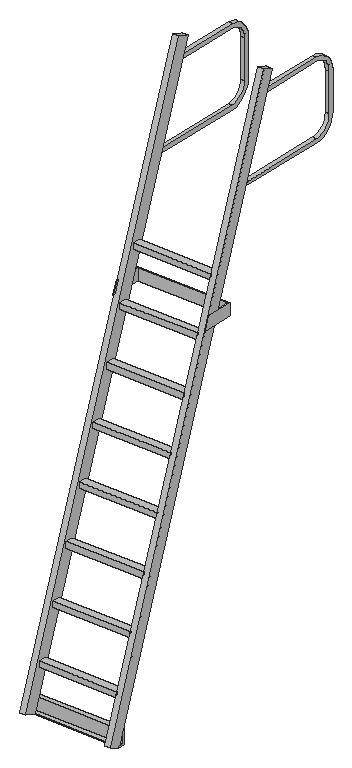
Revit family "Ladder_Mini-Access_FIXFAST_RL21", category Specialty Equipment, Revit 2026
Family settings
  Round Connector Dimension = Use Diameter
  Part Type = Normal
  Classification Number = 23.50.90.21
  Work Plane-Based = Yes
  Enable Cutting in Views = No
  Always vertical = No
  Cut with Voids When Loaded = No
  Maintain Annotation Orientation = No
  Shared = No
  Room Calculation Point = No
Parameters (values of type "RL21.53 Full Ladder")
  rungcountcontrold [instance] = Ladder Length Beneath Landing - (rungcountcontrolb * Space Between Rungs)  # -0' - 5.58768"
  rungcountcontrolc [instance] = if(rungcountcontrold < 0' 0", rungcountcontrolb - 1, rungcountcontrol)  # 8
  rungcountcontrolb [instance] = rungcountcontrol  # 9
  rungcountcontrol [instance] = Ladder Length Beneath Landing / Space Between Rungs  # 8.5344
  cutangle [instance] = 90.00° - Incline Angle  # 20.00°
  basewidthb [instance] = tan(90.00° - Incline Angle) * 0' 3"  # 0' - 1.09191"
  basewidth [instance] = sqrt((0' 3" ^ 2) + (basewidthb ^ 2))  # 0' - 3.19253"
  Warranty Duration (Years) = 0
  Unit Width = 1' - 8 1/2"
  Unit Weight = 0
  Unit Height [instance] = 8' - 0"
  Unit Depth [instance] = (Height Above Landing - basewidth) / tan(Incline Angle) + Base Projection  # 4' - 1.61186"
  URL = "http://www.fixfastusa.com/"
  Standards Conformance = "OSHA  ;  ANSI"
  Specification = ""
  SpecWizard = ""
  Space Between Rungs = 1' - 0"  # constant formula
  Send Message = "http://www.arcat.com/users.pl?action=UserEmail&company=FIXFAST+USA&coid=48709&rep=114&fax=317-769-5560&mf="
  Sales Information = "http://www.fixfastusa.com/contact-us/"
  Rung Horizontal Spacing [instance] = Space Between Rungs / tan(Incline Angle)  # 0' - 4.36764"
  Revision = "R1_12-2013"
  Product Properties = ""
  Product Data = "http://www.arcat.com/arcatcos/cos48/arc48709.html"
  Overall Width = 1' - 11 1/2"
  Model = "RL21.53"
  Maximum Size = "Heights up to 53 inches  (4' 5\")"
  Manufacturer Website = "http://www.fixfastusa.com/"
  Manufacturer Phone - Toll Free = ""
  Manufacturer Phone = "317-769-7710"
  Manufacturer Fax = "317-769-5560"
  Manufacturer Address = "6210 S. Indianapolis Rd.  Whitestown, IN 46075"
  Manufacturer = "FIXFAST USA"
  Maintenance Schedule (Months) = 0
  Ladder Length Beneath Landing [instance] = sqrt((Base Projection ^ 2) + (Unit Height ^ 2))  # 8' - 6.41232"
  Keynote = "05510"
  Installation-Fabrication = ""
  Installation Phase = ""
  Incline Angle [instance] = 70.00°
  Height Above Landing = 3' - 5 1/2"
  Green Building-LEED = ""
  Grabrail Height [instance] = 1' - 8"
  Grabrail Depth [instance] = 1' - 8"
  Fixture Finish [instance] = Metal - FIXFAST - Mill Aluminum
  Expected Lifespan (Years) = 0
  Drawn By = "Sumex Design, Inc. / Robert S. Weygant, CSI, CDT, SCIP"
  Description = "FIXFAST KATT Mini Access Vertical Ladder - Grabrail Kit RL21.53"
  Default Elevation = 0' - 0"
  Copyright = "©Arcat Inc."
  Construction Details = ""
  Capacity = "330 lbs for High Frequency Usage"
  Base Projection [instance] = (Unit Height + 0' 2") / tan(Incline Angle)  # 2' - 11.66908"
  Assembly Code = "E1090900"
Types (3): name | Model | Maximum Size | Description
  RL21.147 Full Ladder | "RL21.147" | "Heights up to 147 inches  (12' 3\")" | "FIXFAST KATT Mini Access Vertical Ladder - Grabrail Kit RL21.147"
  RL21.100 Full Ladder | "RL21.100" | "Heights up to 100 inches  (8' 4\")" | "FIXFAST KATT Mini Access Vertical Ladder - Grabrail Kit RL21.100"
  RL21.53 Full Ladder | "RL21.53" | "Heights up to 53 inches  (4' 5\")" | "FIXFAST KATT Mini Access Vertical Ladder - Grabrail Kit RL21.53"
Reference planes (in)
  plane 1 "Wall Surface": y = 0
  plane 2 "Bottom": z = 0
  plane 3 "Center (Left/Right)": x = 0
  plane 4 "Back": y = 13.94278
  plane 5 "Left": x = -11.75
  plane 6 "Right": x = 11.75
  plane 7 "Top of Ladder": z = 137.5
  plane 8 "Landing": z = 96
  plane 9: y = -35.66908
  plane 10: z = 112.5
  plane 11: y = 33.94278
  plane 12: z = 132.5
  plane 13: z = 12
  plane 14: z = 24
  plane 15: y = -34.49397
  plane 16: y = -30.12633
  plane 17: y = -38.86162
  plane 18: z = 88
  plane 19: x = 12
  plane 20: x = -12
Forms (in)
  Sweep 1, solid, material "Metal - FIXFAST - Mill Aluminum" <- "Fixture Finish"
    path origin (0, -38.86162, 0) x (0, 0.34202, 0.939693) y (0, -0.939693, 0.34202)
      loop
        line (-9.10572, 0) -> (146.32444, 0)
    profile origin (0, -15.39583, 64.47171) x (0, -0.939693, 0.34202) y (1, 0, 0)
      loop
        line (0, 10.25) -> (0, 11.75) -> (-3, 11.75) -> (-3, 10.25) -> (0, 10.25)
      loop
        line (0, -10.25) -> (-3, -10.25) -> (-3, -11.75) -> (0, -11.75) -> (0, -10.25)
  Extrusion 2, void
    sketch origin (0, 0, 0) x (0, 1, 0) y (0, 0, 1)
      loop
        line (-31.66908, 0) -> (-35.66908, 0) -> (-47.66908, 4.36764) -> (-47.66908, -24) -> (-31.66908, -24) -> (-31.66908, 0)
    from -11.75 to 11.75
  Sweep 3, solid, material "Metal - FIXFAST - Mill Aluminum" <- "Fixture Finish"
    path origin (0, 0, 0) x (0, 1, 0) y (0, 0, 1)
      loop
        line (9.36444, 132.5) -> (28.94278, 132.5)
        arc (28.94278, 132.5) -> (32.47831, 131.03553) -> (33.94278, 127.5) r 5
        line (33.94278, 127.5) -> (33.94278, 117.5)
        arc (33.94278, 117.5) -> (32.47831, 113.96447) -> (28.94278, 112.5) r 5
        line (28.94278, 112.5) -> (5.27757, 112.5)
    profile origin (0, 19.15361, 132.5) x (0, 0, 1) y (1, 0, 0)
      loop
        line (0, 10.5) -> (0, 11.5) -> (-1, 11.5) -> (-1, 10.5) -> (0, 10.5)
      loop
        line (0, -10.5) -> (-1, -10.5) -> (-1, -11.5) -> (0, -11.5) -> (0, -10.5)
  Sweep 4, solid, material "Metal - FIXFAST - Mill Aluminum" <- "Fixture Finish"
    path origin (0, -4.10932, 0) x (1, 0, 0) y (0, 0, 1)
      loop
        line (-10.25, 12) -> (10.25, 12)
    profile origin (0, -4.10932, 12) x (0, 0, 1) y (0, -1, 0)
      loop
        line (0, 30.38465) -> (-1.5, 30.38465) -> (-1.5, 28.38465) -> (0, 28.38465) -> (0, 30.38465)
  Sweep 5, solid, material "Metal - FIXFAST - Mill Aluminum" <- "Fixture Finish"
    path origin (0, 0.25832, 12) x (1, 0, 0) y (0, 0, 1)
      loop
        line (-10.25, 12) -> (10.25, 12)
    profile origin (0, 0.25832, 24) x (0, 0, 1) y (0, -1, 0)
      loop
        line (0, 30.38465) -> (-1.5, 30.38465) -> (-1.5, 28.38465) -> (0, 28.38465) -> (0, 30.38465)
  Sweep 6, solid, material "Metal - FIXFAST - Mill Aluminum" <- "Fixture Finish"
    path origin (0, 4.62596, 24) x (1, 0, 0) y (0, 0, 1)
      loop
        line (-10.25, 12) -> (10.25, 12)
    profile origin (0, 4.62596, 36) x (0, 0, 1) y (0, -1, 0)
      loop
        line (0, 30.38465) -> (-1.5, 30.38465) -> (-1.5, 28.38465) -> (0, 28.38465) -> (0, 30.38465)
  Sweep 7, solid, material "Metal - FIXFAST - Mill Aluminum" <- "Fixture Finish"
    path origin (0, 8.99361, 36) x (1, 0, 0) y (0, 0, 1)
      loop
        line (-10.25, 12) -> (10.25, 12)
    profile origin (0, 8.99361, 48) x (0, 0, 1) y (0, -1, 0)
      loop
        line (0, 30.38465) -> (-1.5, 30.38465) -> (-1.5, 28.38465) -> (0, 28.38465) -> (0, 30.38465)
  Sweep 8, solid, material "Metal - FIXFAST - Mill Aluminum" <- "Fixture Finish"
    path origin (0, 13.36125, 48) x (1, 0, 0) y (0, 0, 1)
      loop
        line (-10.25, 12) -> (10.25, 12)
    profile origin (0, 13.36125, 60) x (0, 0, 1) y (0, -1, 0)
      loop
        line (0, 30.38465) -> (-1.5, 30.38465) -> (-1.5, 28.38465) -> (0, 28.38465) -> (0, 30.38465)
  Sweep 9, solid, material "Metal - FIXFAST - Mill Aluminum" <- "Fixture Finish"
    path origin (0, 17.72889, 60) x (1, 0, 0) y (0, 0, 1)
      loop
        line (-10.25, 12) -> (10.25, 12)
    profile origin (0, 17.72889, 72) x (0, 0, 1) y (0, -1, 0)
      loop
        line (0, 30.38465) -> (-1.5, 30.38465) -> (-1.5, 28.38465) -> (0, 28.38465) -> (0, 30.38465)
  Sweep 10, solid, material "Metal - FIXFAST - Mill Aluminum" <- "Fixture Finish"
    path origin (0, 22.09654, 72) x (1, 0, 0) y (0, 0, 1)
      loop
        line (-10.25, 12) -> (10.25, 12)
    profile origin (0, 22.09654, 84) x (0, 0, 1) y (0, -1, 0)
      loop
        line (0, 30.38465) -> (-1.5, 30.38465) -> (-1.5, 28.38465) -> (0, 28.38465) -> (0, 30.38465)
  Sweep 11, solid, material "Metal - FIXFAST - Mill Aluminum" <- "Fixture Finish"
    path origin (0, 26.46418, 84) x (1, 0, 0) y (0, 0, 1)
      loop
        line (-10.25, 12) -> (10.25, 12)
    profile origin (0, 26.46418, 96) x (0, 0, 1) y (0, -1, 0)
      loop
        line (0, 30.38465) -> (-1.5, 30.38465) -> (-1.5, 28.38465) -> (0, 28.38465) -> (0, 30.38465)
  Extrusion 12, solid, material "Metal - FIXFAST - Mill Aluminum" <- "Fixture Finish"
    sketch origin (0, 0, 0) x (0, 1, 0) y (0, 0, 1)
      loop
        line (0, 88) -> (-6.83224, 88) -> (-7.92415, 85) -> (0, 85) -> (0, 88)
    from -12 to 12
  Extrusion 13, void
    sketch origin (0, 0, 0) x (0, 1, 0) y (0, 0, 1)
      loop
        line (-0.25, 88) -> (-6.83224, 88) -> (-7.92415, 85) -> (-0.25, 85) -> (-0.25, 88)
    from -11.75 to 11.75
  Extrusion 14, solid, material "Metal - FIXFAST - Mill Aluminum" <- "Fixture Finish"
    sketch origin (0, 0, 0) x (0, 1, 0) y (0, 0, 1)
      loop
        line (-35.66908, 0) -> (-34.16908, 0) -> (-34.16908, 4.12122) -> (-34.41908, 3.43435) -> (-34.41908, 0.25) -> (-35.66908, 0.25) -> (-35.66908, 0)
    from -11.75 to 11.75
Cuts and joins
  Extrusion 2 cuts Sweep 1
  Extrusion 13 cuts Sweep 3
  joined: Sweep 1, Sweep 3
  Extrusion 13 cuts Extrusion 12
Lines and regions (in)
  reference lines
    curve 1: line (0, 14.37682, 137.5) -> (0, -35.66908, 0)
    curve 2: line (0, -38.86162, 0) -> (0, 11.18429, 137.5)
Dimensions and locks (in)
  equal spacing: plane 5 "Left", plane 3 "Center (Left/Right)", plane 6 "Right"
  "Overall Width": plane 5 "Left" to plane 6 "Right"
  "Unit Height": plane 8 "Landing" to level
  "Height Above Landing": plane 7 "Top of Ladder" to plane 8 "Landing"
  locked: Sweep 1 sketch curve to plane 6 "Right" at 0
  locked: plane 5 "Left" to Sweep 1 sketch curve at 0
  locked: Sweep 1 sketch curve to Sweep 1 sketch curve at 3  (x2)
  locked: level to Extrusion 2 sketch curve at 24
  locked: Extrusion 2 sketch curve to plane 9 at 12
  locked: plane 5 "Left" to Sweep 1 sketch curve at 1.5
  locked: Sweep 1 sketch curve to plane 6 "Right" at 1.5
  locked: Sweep 1 sketch curve to plane 17 at 3.11434
  "Grabrail Depth": plane 4 "Back" to plane 11
  locked: plane 7 "Top of Ladder" to plane 12 at 5
  "Grabrail Height": plane 12 to plane 10
  locked: plane 12 to Sweep 3 sketch curve at 5
  locked: Sweep 3 sketch curve to plane 11 at 5  (x2)
  Sweep 3 sketch curve to Sweep 3 sketch curve to plane 5 "Left" = 0' - 1" locked, 0' - 0 1/4" locked
  plane 6 "Right" to Sweep 3 sketch curve to Sweep 3 sketch curve = 0' - 0 1/4" locked, 0' - 1" locked
  locked: plane 12 to Sweep 3 sketch curve at 1  (x2)
  locked: plane 10 to Sweep 3 sketch curve at 5
  "Space Between Rungs": plane 13 to level
  "Space Between Rungs": plane 14 to plane 13
  "Rung Horizontal Spacing": plane 17 to plane 15
  "Rung Horizontal Spacing": plane 15 to plane 16
  "Unit Width": Sweep 4 sketch curve to Sweep 4 sketch curve
  "Unit Width": Sweep 5 sketch curve to Sweep 5 sketch curve
  equal spacing: group 1, group 2, group 3, group 4, group 5, group 6, group 7, group 8  (x3)
  "Unit Width": Sweep 6 sketch curve to Sweep 6 sketch curve
  "Unit Width": Sweep 7 sketch curve to Sweep 7 sketch curve
  "Unit Width": Sweep 8 sketch curve to Sweep 8 sketch curve
  "Unit Width": Sweep 9 sketch curve to Sweep 9 sketch curve
  "Unit Width": Sweep 10 sketch curve to Sweep 10 sketch curve
  "Unit Width": Sweep 11 sketch curve to Sweep 11 sketch curve
  "Base Projection": plane 9 to plane 1 "Wall Surface"
  "Unit Depth": plane 9 to plane 4 "Back"
  "basewidth": plane 17 to plane 9
  locked: curve 2 to curve 1 at 3
  locked: plane 8 "Landing" to plane 18 at 8
  locked: plane 18 to Extrusion 12 sketch curve at 3
  locked: plane 5 "Left" to plane 20 at 0.25
  locked: plane 19 to plane 6 "Right" at 0.25
  locked: Extrusion 13 sketch curve to plane 1 "Wall Surface" at 0.25
  locked: plane 18 to Extrusion 13 sketch curve at 3
  plane 9 to Extrusion 14 sketch curve to Extrusion 14 sketch curve = 0' - 1 1/4" locked, 0' - 0 1/4" locked
  "Incline Angle": angle level to curve 2
  "Incline Angle": angle level to curve 1
  "cutangle": angle Extrusion 2 sketch curve to level
  aligned and locked: Extrusion 2 to plane 5 "Left"
  aligned and locked: Extrusion 2 to plane 6 "Right"
  aligned and locked: plane 7 "Top of Ladder" to curve 1
  aligned and locked: Sweep 1 sketch curve to curve 2
  aligned and locked: plane 7 "Top of Ladder" to Sweep 1 sketch curve
  aligned and locked: curve 2 to Sweep 3 sketch curve
  aligned and locked: curve 1 to Sweep 3 sketch curve
  aligned and locked: Sweep 5 to plane 16
  aligned and locked: plane 14 to Sweep 5
  aligned and locked: Sweep 4 to plane 15
  aligned and locked: plane 13 to Sweep 4
  aligned and locked: level to curve 2
  aligned and locked: plane 17 to curve 2
  aligned and locked: plane 7 "Top of Ladder" to curve 2
  aligned and locked: curve 2 to Extrusion 12 sketch curve
  aligned and locked: Extrusion 12 sketch curve to plane 18
  aligned and locked: plane 1 "Wall Surface" to Extrusion 12 sketch curve
  aligned and locked: plane 19 to Extrusion 12
  aligned and locked: Extrusion 12 to plane 20
  aligned and locked: Extrusion 13 sketch curve to curve 2
  aligned and locked: plane 6 "Right" to Extrusion 13
  aligned and locked: Extrusion 13 to plane 5 "Left"
  aligned and locked: plane 18 to Extrusion 13 sketch curve
  aligned and locked: plane 9 to Extrusion 14 sketch curve
  aligned and locked: curve 1 to Extrusion 14 sketch curve
  aligned and locked: Extrusion 14 to plane 5 "Left"
  aligned and locked: plane 6 "Right" to Extrusion 14
Automatic sketch dimensions
  Sweep 1 sketch curve to profile plane = 0' - 0"  (x2)
  Sweep 3 sketch curve to profile plane = 0' - 0"  (x2)
  Sweep 3 sketch curve to plane 12 = 0' - 0"
  profile plane to Sweep 4 sketch curve = 0' - 0"
  Sweep 4 sketch curve to Sweep 4 sketch curve = 0' - 1 1/2"
  Sweep 4 sketch curve to Sweep 4 sketch curve = 0' - 2"
  profile plane to Sweep 4 sketch curve = 2' - 4.38465"
  profile plane to Sweep 5 sketch curve = 0' - 0"
  Sweep 5 sketch curve to Sweep 5 sketch curve = 0' - 1 1/2"
  Sweep 5 sketch curve to Sweep 5 sketch curve = 0' - 2"
  profile plane to Sweep 5 sketch curve = 2' - 4.38465"
  profile plane to Sweep 6 sketch curve = 0' - 0"
  Sweep 6 sketch curve to Sweep 6 sketch curve = 0' - 1 1/2"
  Sweep 6 sketch curve to Sweep 6 sketch curve = 0' - 2"
  profile plane to Sweep 6 sketch curve = 2' - 4.38465"
  profile plane to Sweep 7 sketch curve = 0' - 0"
  Sweep 7 sketch curve to Sweep 7 sketch curve = 0' - 1 1/2"
  Sweep 7 sketch curve to Sweep 7 sketch curve = 0' - 2"
  profile plane to Sweep 7 sketch curve = 2' - 4.38465"
  profile plane to Sweep 8 sketch curve = 0' - 0"
  Sweep 8 sketch curve to Sweep 8 sketch curve = 0' - 1 1/2"
  Sweep 8 sketch curve to Sweep 8 sketch curve = 0' - 2"
  profile plane to Sweep 8 sketch curve = 2' - 4.38465"
  profile plane to Sweep 9 sketch curve = 0' - 0"
  Sweep 9 sketch curve to Sweep 9 sketch curve = 0' - 1 1/2"
  Sweep 9 sketch curve to Sweep 9 sketch curve = 0' - 2"
  profile plane to Sweep 9 sketch curve = 2' - 4.38465"
  profile plane to Sweep 10 sketch curve = 0' - 0"
  Sweep 10 sketch curve to Sweep 10 sketch curve = 0' - 1 1/2"
  Sweep 10 sketch curve to Sweep 10 sketch curve = 0' - 2"
  profile plane to Sweep 10 sketch curve = 2' - 4.38465"
  profile plane to Sweep 11 sketch curve = 0' - 0"
  Sweep 11 sketch curve to Sweep 11 sketch curve = 0' - 1 1/2"
  Sweep 11 sketch curve to Sweep 11 sketch curve = 0' - 2"
  profile plane to Sweep 11 sketch curve = 2' - 4.38465"
  Extrusion 2 sketch curve to level = 0' - 0"
  Extrusion 2 sketch curve to plane 16 = 0' - 1.54275"
  Extrusion 2 sketch curve to plane 9 = 0' - 0"
  Extrusion 14 sketch curve to level = 0' - 0"
  Extrusion 14 sketch curve to Extrusion 14 sketch curve = 0' - 0 1/4"
